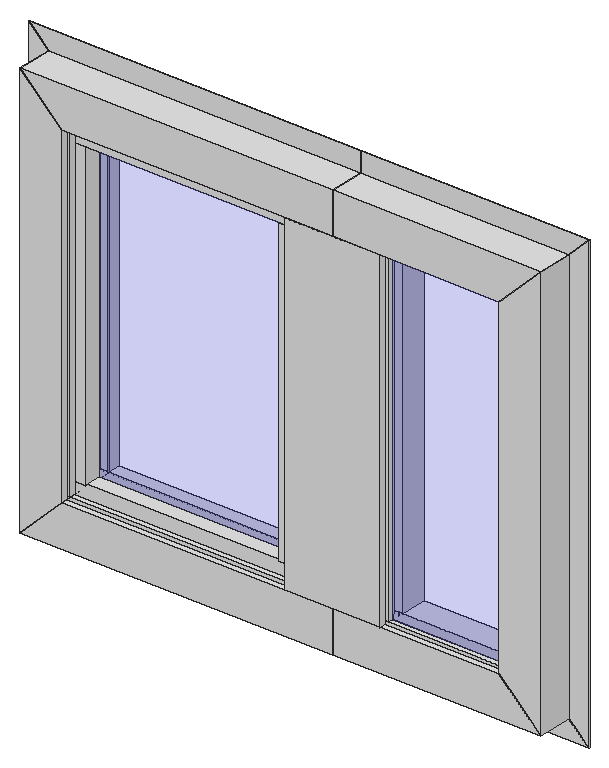
Revit family "511_PC_nailfin", category Windows, host Wall, Revit 2016
Family settings
  Host = Wall
  OmniClass Number = 23.30.20.00
  OmniClass Title = Windows
  Always vertical = Yes
  Cut with Voids When Loaded = No
  Shared = No
  Room Calculation Point = No
Parameters (values of type "30x24")
  MLW2 = 1 / 8 * (Width - VBS)  # 1 1/2"
  MLW = 3.249"
  MLH = 1 / 2 * Height  # 12"
  VBS = 18"
  Interior Color [instance] = White
  Height = 24"
  Exterior Color [instance] = White
  Default Sill Height = 31.49606"
  Wall Closure = By host
  Width = 30"
Types (64): name | MLW2 | MLH | VBS | Interior Color | Height | Exterior Color | Width
  (no name) | 1 1/2" | 12" | 18" | White | 24" | White | 30"
  48x60 | 3" | 30" | 24" | none | 60" | none | 48"
  72x72 | 5 1/4" | 36" | 30" | none | 72" | none | 72"
  25x19.75Min | 1 7/16" | 9 7/8" | 13 1/2" | none | 19 3/4" | none | 25"
  96x72Max | 8 1/4" | 36" | 30" | none | 72" | none | 96"
  36x48 | 2 1/4" | 24" | 18" | none | 48" | none | 36"
  60x72 | 3 3/4" | 36" | 30" | none | 72" | none | 60"
  84x72 | 6 3/4" | 36" | 30" | none | 72" | none | 84"
  72x60 | 4 1/2" | 30" | 36" | none | 60" | none | 72"
  30x24 | 1 1/2" | 12" | 18" | White | 24" | White | 30"
  30x30 | 1 1/2" | 15" | 18" | none | 30" | none | 30"
  30x36 | 1 1/2" | 18" | 18" | none | 36" | none | 30"
  30x42 | 1 1/2" | 21" | 18" | none | 42" | none | 30"
  30x48 | 1 1/2" | 24" | 18" | none | 48" | none | 30"
  36x42 | 2 1/4" | 21" | 18" | none | 42" | none | 36"
  36x36 | 2 1/4" | 18" | 18" | none | 36" | none | 36"
  36x30 | 2 1/4" | 15" | 18" | none | 30" | none | 36"
  36x24 | 2 1/4" | 12" | 18" | none | 24" | none | 36"
  36x54 | 2 1/4" | 27" | 18" | none | 54" | none | 36"
  42x30 | 2 1/4" | 15" | 24" | none | 30" | none | 42"
  42x36 | 2 1/4" | 18" | 24" | none | 36" | none | 42"
  42x42 | 2 1/4" | 21" | 24" | none | 42" | none | 42"
  42x48 | 2 1/4" | 24" | 24" | none | 48" | none | 42"
  42x54 | 2 1/4" | 27" | 24" | none | 54" | none | 42"
  42x60 | 2 1/4" | 30" | 24" | none | 60" | none | 42"
  48x30 | 3" | 15" | 24" | none | 30" | none | 48"
  48x36 | 3" | 18" | 24" | none | 36" | none | 48"
  48x42 | 3" | 21" | 24" | none | 42" | none | 48"
  48x48 | 3" | 24" | 24" | none | 48" | none | 48"
  48x54 | 3" | 27" | 24" | none | 54" | none | 48"
  48x66 | 3" | 33" | 24" | none | 66" | none | 48"
  54x36 | 3" | 18" | 30" | none | 36" | none | 54"
  54x42 | 3" | 21" | 30" | none | 42" | none | 54"
  54x48 | 3" | 24" | 30" | none | 48" | none | 54"
  54x54 | 3" | 27" | 30" | none | 54" | none | 54"
  54x60 | 3" | 30" | 30" | none | 60" | none | 54"
  54x66 | 3" | 33" | 30" | none | 66" | none | 54"
  54x72 | 3" | 36" | 30" | none | 72" | none | 54"
  60x48 | 3" | 24" | 36" | none | 48" | none | 60"
  60x42 | 3" | 21" | 36" | none | 42" | none | 60"
  60x54 | 3" | 27" | 36" | none | 54" | none | 60"
  60x60 | 3" | 30" | 36" | none | 60" | none | 60"
  60x66 | 3 3/4" | 33" | 30" | none | 66" | none | 60"
  66x48 | 3 3/4" | 24" | 36" | none | 48" | none | 66"
  66x54 | 3 3/4" | 27" | 36" | none | 54" | none | 66"
  66x60 | 3 3/4" | 30" | 36" | none | 60" | none | 66"
  66x66 | 4 1/2" | 33" | 30" | none | 66" | none | 66"
  66x72 | 4 1/2" | 36" | 30" | none | 72" | none | 66"
  72x54 | 4 1/2" | 27" | 36" | none | 54" | none | 72"
  72x66 | 5 1/4" | 33" | 30" | none | 66" | none | 72"
  78x54 | 5 1/4" | 27" | 36" | none | 54" | none | 78"
  78x60 | 5 1/4" | 30" | 36" | none | 60" | none | 78"
  78x66 | 6" | 33" | 30" | none | 66" | none | 78"
  78x72 | 6" | 36" | 30" | none | 72" | none | 78"
  84x54 | 6" | 27" | 36" | none | 54" | none | 84"
  84x60 | 6" | 30" | 36" | none | 60" | none | 84"
  84x66 | 6 3/4" | 33" | 30" | none | 66" | none | 84"
  90x54 | 6 3/4" | 27" | 36" | none | 54" | none | 90"
  90x60 | 6 3/4" | 30" | 36" | none | 60" | none | 90"
  90x66 | 7 1/2" | 33" | 30" | none | 66" | none | 90"
  90x72 | 7 1/2" | 36" | 30" | none | 72" | none | 90"
  96x66 | 8 1/4" | 33" | 30" | none | 66" | none | 96"
  96x60 | 7 1/2" | 30" | 36" | none | 60" | none | 96"
  96x54 | 7 1/2" | 27" | 36" | none | 54" | none | 96"
Reference planes (in)
  plane 1 "Center (Front/Back)": y = 0
  plane 2 "Center (Left/Right)": x = 0
  plane 3 "Left": x = -15
  plane 4 "Right": x = 15
  plane 5 "Sill": z = 31.49606
  plane 6 "Head": z = 55.49606
  plane 7 "Exterior": y = 3.93701
  plane 8 "Interior": y = -3.93701
  plane 9 "Front of wall": y = 3.93701
  plane 10 "MD": x = 3
  plane 11: z = 33.55806
  plane 12: z = 53.43645
  plane 13: z = 52.74656
  plane 14: x = -46.438
  plane 15: x = -20.93628
  plane 16: x = 12.938
  plane 17: x = 5.437
  plane 18: x = -12.2505
  plane 19: x = -0.11316
  plane 20: x = -0.62422
  plane 21: x = -11.7505
  plane 22: z = 34.24556
  plane 23 "Front of glass": y = 4.21901
Forms (in)
  Extrusion 1, solid, material "White" <- "Interior Color"
    sketch origin (15, 0, 0) x (0, -1, 0) y (0, 0, 1)
      loop
        line (-4.78995, 34.06142) -> (-4.78995, 32.14816) -> (-5.38701, 32.06425) -> (-5.38701, 31.47606) -> (-5.26201, 31.47606) -> (-5.26201, 31.51606) -> (-5.10865, 31.51606) -> (-5.07401, 31.49606) -> (-4.01201, 31.49606) -> (-4.01201, 30.37106) -> (-3.93701, 30.37106) -> (-3.93701, 31.49606) -> (-1.88701, 31.49606) -> (-1.88701, 33.87106) -> (-2.26201, 33.87106) -> (-2.26201, 34.05906) -> (-2.51251, 34.05806) -> (-2.51251, 33.55806) -> (-3.25701, 33.55806) -> (-3.25701, 34.06142) -> (-4.78995, 34.06142)
    from -1.125 to 12
  Sweep 2, void
    path in 3D
      loop
        line (-43.60379, 8.75385, 31.49606) -> (-43.60379, 3.93701, 31.49606)
    profile origin (-43.60379, 6.34543, 31.49606) x (1, 0, 0) y (0, 0, 1)
      loop
        line (27.24703, -1.35676) -> (31.85329, -1.35676) -> (31.85329, 3.18759) -> (31.22829, 3.18759) -> (31.22829, 2.6245) -> (27.24703, -1.35676)
  Sweep 3, void
    path in 3D
      loop
        line (-43.60379, 8.75385, 31.49606) -> (-43.60379, 3.93701, 31.49606)
    profile origin (-43.60379, 6.34543, 31.49606) x (1, 0, 0) y (0, 0, 1)
      loop
        line (27.09991, -1.50388) -> (31.22829, 2.6245) -> (31.22829, 3.33303) -> (27.09991, 3.33303) -> (27.09991, -1.50388)
  Sweep 4, void
    path in 3D
      loop
        line (3.52238, 8.88043, 31.49606) -> (3.52238, 3.93701, 31.49606)
    profile origin (3.52238, 6.40872, 31.49606) x (1, 0, 0) y (0, 0, 1)
      loop
        line (-4.81457, 3.18759) -> (-4.81457, -2.18465) -> (3.18543, -2.18465) -> (3.18543, 2.56535) -> (0.505, 2.56535) -> (0.505, 0.56819) -> (-1.46529, 0.56819) -> (-3.52219, 2.62509) -> (-3.52219, 3.18759) -> (-4.81457, 3.18759)
  Sweep 5, void
    path in 3D
      loop
        line (11.14445, 9.10453, 31.49606) -> (11.14445, 3.93701, 31.49606)
    profile origin (11.14445, 6.52077, 31.49606) x (1, 0, 0) y (0, 0, 1)
      loop
        line (0.84583, 2.56535) -> (0.84583, -1.24027) -> (5.09583, -1.24027) -> (3.28736, 0.56819) -> (3.20345, 0.56819) -> (3.20345, 2.56535) -> (0.84583, 2.56535)
  Sweep 6, void
    path in 3D
      loop
        line (11.14445, 9.10453, 31.49606) -> (11.14445, 3.93701, 31.49606)
    profile origin (11.14445, 6.52077, 31.49606) x (1, 0, 0) y (0, 0, 1)
      loop
        line (3.28736, 3.06535) -> (3.28736, 0.56819) -> (5.40868, -1.55313) -> (5.40868, 3.06535) -> (3.28736, 3.06535)
  Extrusion 7, void
    sketch origin (0, 3.93701, 0) x (1, 0, 0) y (0, 0, 1)
      loop
        line (12.625, 33.87106) -> (16.55313, 29.94293) -> (16.55313, 34.25889) -> (12.625, 34.25889) -> (12.625, 33.87106)
    from 0 to 12
  Extrusion 8, void
    sketch origin (0, 3.93701, 0) x (1, 0, 0) y (0, 0, 1)
      loop
        line (12.625, 33.87106) -> (12.625, 34.05906) -> (11.875, 34.05906) -> (11.875, 29.7824) -> (16.71366, 29.7824) -> (12.625, 33.87106)
    from 0 to 12
  Extrusion 9, void
    sketch origin (0, 3.93701, 0) x (1, 0, 0) y (0, 0, 1)
      loop
        line (6.75, 34.05906) -> (5.75053, 34.05906) -> (5.75053, 33.87106) -> (0.25028, 33.87106) -> (0.25028, 34.05906) -> (0.06228, 34.05906) -> (0.06228, 34.74556) -> (-1, 34.74556) -> (-1, 29.70676) -> (6.75, 29.70676) -> (6.75, 34.05906)
    from 0 to 12
  Extrusion 10, void
    sketch origin (0, 3.93701, 0) x (1, 0, 0) y (0, 0, 1)
      loop
        line (-12.625, 34.05906) -> (-12.625, 33.87106) -> (-16.35676, 30.13931) -> (-11.21834, 30.13931) -> (-11.21834, 34.74556) -> (-12.437, 34.74556) -> (-12.437, 34.05906) -> (-12.625, 34.05906)
    from 0 to 12
  Extrusion 11, void
    sketch origin (0, 3.93701, 0) x (1, 0, 0) y (0, 0, 1)
      loop
        line (-12.625, 35.24606) -> (-17.2487, 35.24606) -> (-17.2487, 29.24736) -> (-12.625, 33.87106) -> (-12.625, 35.24606)
    from 0 to 12
  Extrusion 12, solid, material "Glass"
    sketch origin (0, 0.962, 60.49606) x (1, 0, 0) y (0, 1, 0)
      loop
        line (-0.11316, 3.25701) -> (-12.2505, 3.25701) -> (-12.2505, 2.51251) -> (-0.11316, 2.51251) -> (-0.11316, 3.25701)
    from -26.2505 to -7.7495
  Extrusion 13, solid, material "Glass"
    sketch origin (0, -0.962, 60.49606) x (1, 0, 0) y (0, 1, 0)
      loop
        line (12.938, 4.21901) -> (5.437, 4.21901) -> (5.437, 3.47451) -> (12.938, 3.47451) -> (12.938, 4.21901)
    from -26.938 to -7.05961
  Extrusion 14, solid, material "White" <- "Interior Color"
    sketch origin (0, 0, 55.49606) x (0, -1, 0) y (1, 0, 0)
      loop
        line (-4.25701, -11.8125) -> (-4.99701, -11.8125) -> (-4.99701, -12.3755) -> (-5.03701, -12.3755) -> (-5.03701, -14.38262) -> (-5.38701, -14.43181) -> (-5.38701, -15.02) -> (-5.26201, -15.02) -> (-5.26201, -14.98) -> (-5.10257, -14.98) -> (-5.07401, -15) -> (-4.01201, -15) -> (-4.01201, -16.125) -> (-3.93701, -16.125) -> (-3.93701, -15) -> (-1.88766, -15) -> (-1.88766, -12.625) -> (-2.26201, -12.625) -> (-2.26201, -12.437) -> (-2.58701, -12.437) -> (-2.58701, -11.7505) -> (-3.47451, -11.7505) -> (-3.47451, -12.2505) -> (-4.21901, -12.2505) -> (-4.21901, -11.7882) -> (-4.25701, -11.8125)
    from 1.125 to -25.125
  Extrusion 15, solid, material "White" <- "Interior Color"
    sketch origin (0, 0, 55.49606) x (0, -1, 0) y (1, 0, 0)
      loop
        line (-4.21901, -0.11316) -> (-3.47451, -0.11316) -> (-3.47451, -0.62422) -> (-2.58667, -0.62422) -> (-2.58667, 0.06228) -> (-2.26201, 0.06228) -> (-2.26201, 0.25028) -> (-1.88701, 0.25028) -> (-1.88701, 5.75053) -> (-2.26201, 5.75053) -> (-2.26201, 5.94063) -> (-2.51251, 5.94063) -> (-2.51251, 5.437) -> (-3.25701, 5.437) -> (-3.25701, 5.94063) -> (-4.78995, 5.94063) -> (-4.78995, 4.02738) -> (-5.38701, 3.94291) -> (-5.38701, 2.05709) -> (-5.03901, 2.00818) -> (-5.03901, 0.00019) -> (-4.99701, 0.00019) -> (-4.99701, -0.56222) -> (-4.25701, -0.56222) -> (-4.21901, -0.58652) -> (-4.21901, -0.11316)
    from 1.125 to -25.125
  Extrusion 16, solid, material "White" <- "Interior Color"
    sketch origin (0, 0, 55.49606) x (0, -1, 0) y (1, 0, 0)
      loop
        line (-5.26201, 14.98) -> (-5.26201, 15.02) -> (-5.38701, 15.02) -> (-5.38701, 14.43181) -> (-4.78995, 14.3479) -> (-4.78995, 12.43465) -> (-3.25701, 12.43465) -> (-3.25701, 12.938) -> (-2.51251, 12.938) -> (-2.51251, 12.438) -> (-2.26201, 12.43691) -> (-2.26201, 12.625) -> (-1.88701, 12.625) -> (-1.88701, 15) -> (-3.93701, 15) -> (-3.93701, 16.125) -> (-4.01201, 16.125) -> (-4.01201, 15) -> (-5.07401, 15) -> (-5.10865, 14.98) -> (-5.26201, 14.98)
    from 1.125 to -25.125
  Extrusion 17, solid, material "White" <- "Interior Color"
    sketch origin (3, 0, 0) x (0, 0, 1) y (0, 1, 0)
      loop
        line (54.87868, 5.03701) -> (52.87156, 5.03701) -> (52.87156, 4.99701) -> (52.30847, 4.99701) -> (52.30847, 4.25691) -> (52.28424, 4.21901) -> (52.74656, 4.21901) -> (52.74656, 3.47451) -> (52.24656, 3.47451) -> (52.24656, 2.58701) -> (52.93306, 2.58701) -> (52.93306, 2.26201) -> (53.12106, 2.26201) -> (53.12106, 1.88701) -> (55.49606, 1.88701) -> (55.49606, 3.93701) -> (56.62106, 3.93701) -> (56.62106, 4.01201) -> (55.49606, 4.01201) -> (55.49606, 5.07401) -> (55.47606, 5.09784) -> (55.47606, 5.26201) -> (55.51606, 5.26201) -> (55.51606, 5.38701) -> (54.92787, 5.38701) -> (54.87868, 5.03701)
    from 19.125 to 0
  Extrusion 18, solid, material "White" <- "Interior Color"
    sketch origin (3, 0, 0) x (0, 0, 1) y (0, 1, 0)
      loop
        line (53.43645, 2.51251) -> (52.93406, 2.51251) -> (52.93306, 2.26201) -> (53.12106, 2.26201) -> (53.12106, 1.88701) -> (55.49606, 1.88701) -> (55.49606, 3.93701) -> (56.62106, 3.93701) -> (56.62106, 4.01201) -> (55.49606, 4.01201) -> (55.49606, 5.07401) -> (55.47606, 5.10865) -> (55.47606, 5.26201) -> (55.51606, 5.26201) -> (55.51606, 5.38701) -> (54.92787, 5.38701) -> (54.84396, 4.78995) -> (52.93071, 4.78995) -> (52.93071, 3.25701) -> (53.43645, 3.25701) -> (53.43645, 2.51251)
    from 0 to -13.125
  Sweep 19, void
    path in 3D
      loop
        line (-19.8166, 9.24338, 55.49606) -> (-19.8166, 3.93701, 55.49606)
    profile origin (-19.8166, 6.59019, 55.49606) x (1, 0, 0) y (0, 0, 1)
      loop
        line (19.81678, -2.62509) -> (21.87368, -0.56819) -> (23.76006, -0.56819) -> (23.84397, -0.6521) -> (23.84397, -2.562) -> (25.75723, -2.562) -> (25.75723, 1.5979) -> (19.19237, 1.5979) -> (19.19237, -3.18759) -> (19.81678, -3.18759) -> (19.81678, -2.62509)
  Sweep 20, void
    path in 3D
      loop
        line (-19.8166, 9.24338, 55.49606) -> (-19.8166, 3.93701, 55.49606)
    profile origin (-19.8166, 6.59019, 55.49606) x (1, 0, 0) y (0, 0, 1)
      loop
        line (21.87368, -0.56819) -> (19.81678, -2.62509) -> (19.81678, -4.21465) -> (22.8166, -4.21465) -> (22.8166, -0.56819) -> (21.87368, -0.56819)
  Sweep 21, void
    path in 3D
      loop
        line (10.65964, 9.24338, 55.49606) -> (10.65964, 3.93701, 55.49606)
    profile origin (10.65964, 6.59019, 55.49606) x (1, 0, 0) y (0, 0, 1)
      loop
        line (1.55958, -2.562) -> (3.68826, -2.562) -> (3.68826, -0.6521) -> (5.80958, 1.46922) -> (1.55958, 1.46922) -> (1.55958, -2.562)
  Sweep 22, void
    path in 3D
      loop
        line (10.65964, 9.24338, 55.49606) -> (10.65964, 3.93701, 55.49606)
    profile origin (10.65964, 6.59019, 55.49606) x (1, 0, 0) y (0, 0, 1)
      loop
        line (6.18826, 1.8479) -> (3.68826, -0.6521) -> (3.68826, -2.6521) -> (6.18826, -2.6521) -> (6.18826, 1.8479)
  Sweep 23, void
    path in 3D
      loop
        line (-44.42648, 8.93799, 55.49606) -> (-44.42648, 3.93701, 55.49606)
    profile origin (-44.42648, 6.4375, 55.49606) x (1, 0, 0) y (0, 0, 1)
      loop
        line (28.08917, 1.33731) -> (32.05098, -2.6245) -> (32.05098, -3.18759) -> (32.67598, -3.18759) -> (32.67598, 1.33731) -> (28.08917, 1.33731)
  Sweep 24, void
    path in 3D
      loop
        line (-44.42648, 8.93799, 55.49606) -> (-44.42648, 3.93701, 55.49606)
    profile origin (-44.42648, 6.4375, 55.49606) x (1, 0, 0) y (0, 0, 1)
      loop
        line (28.30148, 1.125) -> (28.30148, -4.19924) -> (32.05098, -4.19924) -> (32.05098, -2.6245) -> (28.30148, 1.125)
  Extrusion 25, void
    sketch origin (0, 3.93701, 0) x (1, 0, 0) y (0, 0, 1)
      loop
        line (-16.437, 56.93306) -> (-12.625, 53.12106) -> (-12.625, 52.93306) -> (-12.437, 52.93306) -> (-12.437, 52.24656) -> (-10.92648, 52.24656) -> (-10.92648, 56.93306) -> (-16.437, 56.93306)
    from 0 to 12
  Extrusion 26, void
    sketch origin (0, 3.93701, 0) x (1, 0, 0) y (0, 0, 1)
      loop
        line (-16.375, 56.87106) -> (-16.375, 51.21601) -> (-12.625, 51.21601) -> (-12.625, 53.12106) -> (-16.375, 56.87106)
    from 0 to 12
  Extrusion 27, void
    sketch origin (0, 3.93701, 0) x (1, 0, 0) y (0, 0, 1)
      loop
        line (6.31724, 52.93071) -> (6.31724, 56.87106) -> (-0.62422, 56.87106) -> (-0.62422, 52.24656) -> (0.06228, 52.24656) -> (0.06228, 52.93306) -> (0.25028, 52.93306) -> (0.25028, 53.12106) -> (5.75053, 53.12106) -> (5.75053, 52.93071) -> (6.31724, 52.93071)
    from 0 to 12
  Extrusion 28, void
    sketch origin (0, 3.93701, 0) x (1, 0, 0) y (0, 0, 1)
      loop
        line (16.75, 57.24606) -> (12.09958, 57.24606) -> (12.09958, 52.93306) -> (12.625, 52.93306) -> (12.625, 53.12106) -> (16.75, 57.24606)
    from 0 to 12
  Extrusion 29, void
    sketch origin (0, 3.93701, 0) x (1, 0, 0) y (0, 0, 1)
      loop
        line (16.37203, 56.8681) -> (12.625, 53.12106) -> (12.625, 51.12106) -> (16.37203, 51.12106) -> (16.37203, 56.8681)
    from 0 to 12
  Extrusion 30, solid, material "White" <- "Interior Color"
    sketch origin (0, 0, 0) x (0, -1, 0) y (0, 0, 1)
      loop
        line (-3.47451, 34.8291) -> (-3.47451, 34.24556) -> (-4.21901, 34.24556) -> (-4.21901, 34.70789) -> (-4.25691, 34.68366) -> (-4.99701, 34.68366) -> (-4.99701, 34.12056) -> (-5.03701, 34.12056) -> (-5.03701, 32.11344) -> (-5.38701, 32.06425) -> (-5.38701, 31.47606) -> (-5.26201, 31.47606) -> (-5.26201, 31.51606) -> (-5.09784, 31.51606) -> (-5.07401, 31.49606) -> (-4.01201, 31.49606) -> (-4.01201, 30.37106) -> (-3.93701, 30.37106) -> (-3.93701, 31.49606) -> (-1.88701, 31.49606) -> (-1.88701, 33.87106) -> (-2.26201, 33.87106) -> (-2.26201, 34.05906) -> (-2.58701, 34.05906) -> (-2.58701, 34.8291) -> (-3.47451, 34.8291)
    from -3 to 16.125
  Sweep 31, void
    path in 3D
      loop
        line (3.52238, 8.88043, 31.49606) -> (3.52238, 3.93701, 31.49606)
    profile origin (3.52238, 6.40872, 31.49606) x (1, 0, 0) y (0, 0, 1)
      loop
        line (-3.52219, 2.62509) -> (-1.46529, 0.56819) -> (-0.52238, 0.56819) -> (-0.52238, 3.56819) -> (-3.52219, 3.56819) -> (-3.52219, 2.62509)
Cuts and joins
  Sweep 6, Extrusion 7, Sweep 31 cuts Extrusion 1
  Sweep 20, Sweep 24, Extrusion 26 cuts Extrusion 17
  Sweep 4, Extrusion 9, Sweep 19, Extrusion 27 cuts Extrusion 15
  Sweep 5, Extrusion 8, Sweep 21, Extrusion 28 cuts Extrusion 16
  Sweep 22, Extrusion 29 cuts Extrusion 18
  Sweep 2, Extrusion 10, Sweep 23, Extrusion 25 cuts Extrusion 14
  Extrusion 27, Extrusion 28, Extrusion 29 cuts Extrusion 13
  Sweep 3, Extrusion 11, Sweep 31 cuts Extrusion 30
Lines and regions (in)
  Opening 1
    outline origin (137.79528, -3.93701, 0) x (1, 0, 0) y (0, 0, 1)
      loop
        line (-122.79528, 31.49606) -> (-122.79528, 55.49606) -> (-152.79528, 55.49606) -> (-152.79528, 31.49606) -> (-122.79528, 31.49606)
  model lines
    curve 1: line (-46.438, 2.51251, 31.49606) -> (0.312, 2.51251, 31.49606)
    curve 2: line (0.312, 2.51251, 31.49606) -> (13.812, 2.51251, 31.49606)
    curve 23: line (-0.62422, 4.21901, 52.24706) -> (-11.7505, 4.21901, 43.49606)
    curve 24: line (-11.7505, 4.21901, 43.49606) -> (-0.62458, 4.21901, 34.74534)
    curve 29: line (11.5, 3.93701, 45.99606) -> (6.5, 3.93701, 40.99606)
    curve 30: line (6.5, 3.93701, 43.49606) -> (9, 3.93701, 45.99606)
    curve 31: line (9, 3.93701, 40.99606) -> (11.5, 3.93701, 43.49606)
  reference lines
    curve 3: line (-44.42648, 8.93799, 55.49606) -> (-44.42648, 3.93701, 55.49606)
    curve 4: line (-43.60379, 8.75385, 31.49606) -> (-43.60379, 3.93701, 31.49606)
    curve 5: line (-19.8166, 9.24338, 55.49606) -> (-19.8166, 3.93701, 55.49606)
    curve 6: line (3.52238, 8.88043, 31.49606) -> (3.52238, 3.93701, 31.49606)
    curve 7: line (10.65964, 9.24338, 55.49606) -> (10.65964, 3.93701, 55.49606)
    curve 8: line (11.14445, 9.10453, 31.49606) -> (11.14445, 3.93701, 31.49606)
    curve 21: line (-0.62422, 3.93701, 52.24706) -> (-11.7505, 3.93701, 43.49606)
    curve 22: line (-11.7505, 3.93701, 43.49606) -> (-0.62422, 3.93701, 34.74506)
    curve 25: line (11.5, 3.93701, 45.99606) -> (6.5, 3.93701, 45.99606)
    curve 26: line (11.5, 3.93701, 40.99606) -> (11.5, 3.93701, 45.99606)
    curve 27: line (6.5, 3.93701, 40.99606) -> (11.5, 3.93701, 40.99606)
    curve 28: line (6.5, 3.93701, 45.99606) -> (6.5, 3.93701, 40.99606)
    curve 32: line (9, 3.93701, 40.99606) -> (9, 3.93701, 47.49606)
    curve 33: line (11.5, 3.93701, 43.49606) -> (4, 3.93701, 43.49606)
    curve 36: line (11.5, 0, 45.99606) -> (6.5, 0, 45.99606)
    curve 37: line (11.5, 0, 40.99606) -> (11.5, 0, 45.99606)
    curve 38: line (6.5, 0, 40.99606) -> (11.5, 0, 40.99606)
    curve 39: line (6.5, 0, 45.99606) -> (6.5, 0, 40.99606)
    curve 40: line (9, 0, 40.99606) -> (9, 0, 48.49606)
    curve 41: line (11.5, 0, 43.49606) -> (4.5, 0, 43.49606)
  sketch lines
    curve 9: line (-43.60379, 8.75385, 31.49606) -> (-43.60379, 3.93701, 31.49606)
    curve 10: line (-43.60379, 8.75385, 31.49606) -> (-43.60379, 3.93701, 31.49606)
    curve 11: line (3.52238, 8.88043, 31.49606) -> (3.52238, 3.93701, 31.49606)
    curve 12: line (11.14445, 9.10453, 31.49606) -> (11.14445, 3.93701, 31.49606)
    curve 13: line (11.14445, 9.10453, 31.49606) -> (11.14445, 3.93701, 31.49606)
    curve 14: line (-19.8166, 9.24338, 55.49606) -> (-19.8166, 3.93701, 55.49606)
    curve 15: line (-19.8166, 9.24338, 55.49606) -> (-19.8166, 3.93701, 55.49606)
    curve 16: line (10.65964, 9.24338, 55.49606) -> (10.65964, 3.93701, 55.49606)
    curve 17: line (10.65964, 9.24338, 55.49606) -> (10.65964, 3.93701, 55.49606)
    curve 18: line (-44.42648, 8.93799, 55.49606) -> (-44.42648, 3.93701, 55.49606)
    curve 19: line (-44.42648, 8.93799, 55.49606) -> (-44.42648, 3.93701, 55.49606)
    curve 20: line (3.52238, 8.88043, 31.49606) -> (3.52238, 3.93701, 31.49606)
  symbolic lines
    curve 34: line (-0.62422, 3.93701, 52.24706) -> (-11.7505, 3.93701, 43.49606)
    curve 35: line (-11.7505, 3.93701, 43.49606) -> (-0.62422, 3.93701, 34.74506)
    curve 42: line (9, 0, 40.99606) -> (11.5, 0, 43.49606)
    curve 43: line (9, 0, 45.99606) -> (6.5, 0, 43.49606)
    curve 44: line (6.5, 0, 40.99606) -> (11.5, 0, 45.99606)
Text (in)
  text "EXTERIOR" at (-77.29147, 52.45485, 0), in view "Ref. Level"
  text "INTERIOR" at (-78.01048, -32.21994, 0), in view "Ref. Level"
  text "Exterior" at (0, 36.36817, 115.8778), in view "Right"
  text "Exterior" at (0, 40.96394, 105.72475), in view "Left"
Dimensions and locks (in)
  equal spacing: plane 3 "Left", plane 2 "Center (Left/Right)", plane 4 "Right"
  "Width": plane 3 "Left" to plane 4 "Right"
  "Height": plane 5 "Sill" to plane 6 "Head"
  "Default Sill Height": plane 5 "Sill" to level
  locked: plane 7 "Exterior" to host wall at 0
  locked: plane 8 "Interior" to host wall
  locked: plane 5 "Sill" to plane 11 at 2.062
  locked: plane 12 to plane 6 "Head" at 2.05961
  locked: plane 13 to plane 6 "Head" at 2.7495
  locked: Extrusion 1 sketch curve to plane 5 "Sill" at 1.125
  locked: plane 9 "Front of wall" to Extrusion 1 sketch curve at 2.05
  locked: Extrusion 1 sketch curve to Extrusion 1 sketch curve at 2.375
  locked: plane 16 to plane 4 "Right" at 2.062
  locked: plane 10 "MD" to plane 17 at 2.437
  Extrusion 13 sketch curve to plane 9 "Front of wall" = 1.4245"
  locked: Extrusion 14 sketch curve to plane 9 "Front of wall" at 2.04934
  locked: Extrusion 14 sketch curve to Extrusion 14 sketch curve at 2.375
  locked: plane 3 "Left" to Extrusion 14 sketch curve at 1.125
  locked: Extrusion 15 sketch curve to plane 9 "Front of wall" at 2.05
  locked: plane 10 "MD" to Extrusion 15 sketch curve at 0.94291
  locked: Extrusion 15 sketch curve to plane 10 "MD" at 0.94291
  locked: plane 10 "MD" to Extrusion 15 sketch curve at 2.74972
  locked: Extrusion 15 sketch curve to plane 10 "MD" at 2.75053
  locked: Extrusion 16 sketch curve to plane 9 "Front of wall" at 2.05
  locked: Extrusion 16 sketch curve to plane 4 "Right" at 1.125
  locked: Extrusion 16 sketch curve to Extrusion 16 sketch curve at 2.375
  locked: plane 6 "Head" to Extrusion 17 sketch curve at 1.125
  locked: plane 9 "Front of wall" to Extrusion 17 sketch curve at 2.05
  locked: Extrusion 17 sketch curve to Extrusion 17 sketch curve at 2.375
  locked: plane 6 "Head" to Extrusion 18 sketch curve at 1.125
  locked: plane 9 "Front of wall" to Extrusion 18 sketch curve at 2.05
  locked: Extrusion 18 sketch curve to Extrusion 18 sketch curve at 2.375
  locked: plane 10 "MD" to plane 20 at 3.62422
  locked: plane 21 to plane 3 "Left" at 3.2495
  locked: Extrusion 30 sketch curve to plane 9 "Front of wall" at 2.05
  locked: Extrusion 30 sketch curve to Extrusion 30 sketch curve at 2.375
  locked: Extrusion 30 sketch curve to plane 5 "Sill" at 1.125
  "VBS": plane 3 "Left" to plane 10 "MD"
  "MLH": curve 22 to plane 6 "Head"
  "MLH": plane 5 "Sill" to curve 21
  "MLW": curve 21 to plane 6 "Head"
  "MLW": plane 5 "Sill" to curve 22
  locked: plane 9 "Front of wall" to plane 23 "Front of glass" at 0.282
  equal spacing: curve 30, curve 29, curve 31
  locked: curve 26 to curve 28 at 5
  locked: curve 27 to curve 25 at 5
  equal spacing: curve 28, curve 32, curve 26
  equal spacing: curve 27, curve 33, curve 25
  equal spacing: plane 5 "Sill", curve 33, plane 6 "Head"
  equal spacing: plane 10 "MD", curve 32, plane 4 "Right"
  locked: curve 37 to curve 39 at 5
  locked: curve 38 to curve 36 at 5
  equal spacing: curve 39, curve 40, curve 37
  equal spacing: curve 38, curve 41, curve 36
  locked: curve 39 to curve 43 at 2.5
  locked: curve 39 to curve 42 at 2.5
  locked: curve 42 to curve 38 at 2.5
  locked: curve 43 to curve 38 at 2.5
  locked: curve 37 to curve 44 at 5
  equal spacing: plane 10 "MD", curve 40, plane 4 "Right"
  equal spacing: plane 6 "Head", curve 41, plane 5 "Sill"
  locked: Extrusion 15 sketch curve to plane 10 "MD" at 2.99981
  locked: plane 10 "MD" to Extrusion 15 sketch curve at 1.02738
  Extrusion 15 sketch curve to plane 10 "MD" = 0.94291"
  locked: Extrusion 15 sketch curve to plane 10 "MD" at 0.99182
  locked: Extrusion 15 sketch curve to plane 10 "MD" at 3.56222
  locked: plane 10 "MD" to Extrusion 15 sketch curve at 2.94063  (x2)
  locked: plane 19 to plane 10 "MD" at 3.11316
  locked: plane 3 "Left" to plane 18 at 2.7495
  locked: plane 10 "MD" to Sweep 19 sketch curve at 0.94346
  locked: Sweep 19 sketch curve to plane 10 "MD" at 0.94291
  locked: Sweep 23 sketch curve to plane 3 "Left" at 1.33731
  locked: Sweep 2 sketch curve to plane 3 "Left" at 1.35676
  locked: Sweep 3 sketch curve to plane 3 "Left" at 1.50388
  locked: Sweep 31 sketch curve to plane 10 "MD" at 0.94291
  locked: Sweep 4 sketch curve to plane 10 "MD" at 0.94291
  locked: plane 10 "MD" to Sweep 4 sketch curve at 3.70781
  locked: Sweep 4 sketch curve to plane 10 "MD" at 4.29219
  locked: plane 10 "MD" to Extrusion 27 sketch curve at 3.31724
  locked: Extrusion 9 sketch curve to plane 10 "MD" at 4
  locked: plane 10 "MD" to Extrusion 9 sketch curve at 3.75
  locked: Extrusion 26 sketch curve to plane 3 "Left" at 1.375
  locked: Extrusion 25 sketch curve to plane 21 at 0.82402
  locked: plane 21 to Extrusion 25 sketch curve at 4.6865
  locked: plane 3 "Left" to Extrusion 10 sketch curve at 3.78166
  locked: Extrusion 10 sketch curve to plane 3 "Left" at 1.35676
  locked: Extrusion 11 sketch curve to plane 3 "Left" at 2.2487
  locked: Sweep 20 sketch curve to plane 10 "MD" at 0.94291
  aligned and locked: plane 9 "Front of wall" to host wall
  aligned and locked: Extrusion 1 sketch curve to plane 11
  aligned and locked: plane 5 "Sill" to Extrusion 1 sketch curve  (x2)
  aligned and locked: plane 9 "Front of wall" to curve 8
  aligned and locked: plane 9 "Front of wall" to curve 7
  aligned and locked: plane 9 "Front of wall" to curve 6
  aligned and locked: plane 9 "Front of wall" to curve 5
  aligned and locked: plane 9 "Front of wall" to curve 3
  aligned and locked: plane 9 "Front of wall" to curve 4
  aligned and locked: host wall to Extrusion 14 sketch curve
  aligned and locked: plane 3 "Left" to Extrusion 14 sketch curve  (x2)
  aligned and locked: Extrusion 14 sketch curve to plane 18
  aligned and locked: plane 19 to Extrusion 15 sketch curve
  aligned and locked: plane 17 to Extrusion 15 sketch curve
  aligned and locked: plane 4 "Right" to Extrusion 16 sketch curve  (x2)
  aligned and locked: Extrusion 16 sketch curve to plane 9 "Front of wall"
  aligned and locked: Extrusion 16 sketch curve to plane 16
  aligned and locked: Extrusion 17 sketch curve to plane 6 "Head"  (x2)
  aligned and locked: plane 9 "Front of wall" to Extrusion 17 sketch curve
  aligned and locked: plane 13 to Extrusion 17 sketch curve
  aligned and locked: plane 12 to Extrusion 18 sketch curve
  aligned and locked: Extrusion 18 sketch curve to plane 6 "Head"  (x2)
  aligned and locked: plane 9 "Front of wall" to Extrusion 18 sketch curve
  aligned and locked: Extrusion 18 to Extrusion 16  (x2)
  aligned and locked: Extrusion 14 to Extrusion 17  (x2)
  aligned and locked: Extrusion 15 to Extrusion 18
  aligned and locked: Extrusion 17 to plane 10 "MD"
  aligned and locked: plane 17 to Extrusion 13
  aligned and locked: Extrusion 13 to plane 16
  aligned and locked: plane 19 to Extrusion 12 sketch curve
  aligned and locked: plane 18 to Extrusion 12 sketch curve
  aligned and locked: Extrusion 12 to plane 13
  aligned and locked: Extrusion 13 to plane 12
  aligned and locked: plane 5 "Sill" to Extrusion 30 sketch curve  (x2)
  aligned and locked: plane 9 "Front of wall" to Extrusion 30 sketch curve
  aligned and locked: plane 22 to Extrusion 30 sketch curve
  aligned and locked: cut or joined group of Sweep 5, Extrusion 8, Extrusion 16, Sweep 21, Extrusion 28 to cut or joined group of Extrusion 1, Sweep 6, Extrusion 7, Sweep 31
  aligned and locked: cut or joined group of Extrusion 1, Sweep 6, Extrusion 7, Sweep 31 to cut or joined group of Sweep 5, Extrusion 8, Extrusion 16, Sweep 21, Extrusion 28
  aligned and locked: Extrusion 30 to cut or joined group of Sweep 2, Extrusion 10, Extrusion 14, Sweep 23, Extrusion 25  (x2)
  aligned and locked: plane 10 "MD" to cut or joined group of Extrusion 1, Sweep 6, Extrusion 7, Sweep 31
  aligned and locked: Extrusion 30 to plane 10 "MD"
  aligned and locked: Extrusion 12 to plane 22
  aligned and locked: plane 11 to cut or joined group of Extrusion 13, Extrusion 27, Extrusion 28, Extrusion 29
  aligned and locked: cut or joined group of Sweep 4, Extrusion 9, Extrusion 15, Sweep 19, Extrusion 27 to cut or joined group of Sweep 3, Extrusion 11, Extrusion 30, Sweep 31
  aligned and locked: plane 21 to curve 22
  aligned and locked: plane 21 to curve 21
  aligned and locked: plane 20 to curve 21
  aligned and locked: plane 20 to curve 22
  aligned and locked: curve 22 to curve 24
  aligned and locked: curve 21 to curve 23
  aligned and locked: curve 25 to curve 28
  aligned and locked: curve 28 to curve 28
  aligned and locked: curve 26 to curve 26
  aligned and locked: curve 28 to curve 29
  aligned and locked: curve 29 to curve 25
  aligned and locked: curve 25 to curve 30
  aligned and locked: curve 28 to curve 30
  aligned and locked: curve 27 to curve 31
  aligned and locked: curve 26 to curve 31
  aligned and locked: curve 22 to curve 35
  aligned and locked: curve 21 to curve 34
  aligned and locked: curve 36 to curve 39
  aligned and locked: curve 39 to curve 39
  aligned and locked: curve 37 to curve 37
  aligned and locked: curve 39 to curve 43
  aligned and locked: curve 38 to curve 42
  aligned and locked: curve 37 to curve 42
  aligned and locked: curve 36 to curve 43
  aligned and locked: curve 37 to curve 44
  aligned and locked: curve 44 to curve 38
  aligned and locked: Extrusion 15 sketch curve to plane 20
  aligned and locked: plane 10 "MD" to Sweep 20 sketch curve
  aligned and locked: Sweep 20 sketch curve to cut or joined group of Sweep 4, Extrusion 9, Extrusion 15, Sweep 19, Extrusion 27
  aligned and locked: plane 20 to Sweep 19 sketch curve
  aligned and locked: Sweep 24 sketch curve to cut or joined group of Sweep 2, Extrusion 10, Extrusion 14, Sweep 23, Extrusion 25
  aligned and locked: cut or joined group of Sweep 2, Extrusion 10, Extrusion 14, Sweep 23, Extrusion 25 to Sweep 24 sketch curve
  aligned and locked: Sweep 23 sketch curve to cut or joined group of Sweep 2, Extrusion 10, Extrusion 14, Sweep 23, Extrusion 25
  aligned and locked: plane 21 to Sweep 23 sketch curve
  aligned and locked: Sweep 2 sketch curve to cut or joined group of Sweep 2, Extrusion 10, Extrusion 14, Sweep 23, Extrusion 25
  aligned and locked: plane 21 to Sweep 2 sketch curve
  aligned and locked: Sweep 3 sketch curve to cut or joined group of Sweep 2, Extrusion 10, Extrusion 14, Sweep 23, Extrusion 25
  aligned and locked: Sweep 31 sketch curve to cut or joined group of Sweep 4, Extrusion 9, Extrusion 15, Sweep 19, Extrusion 27
  aligned and locked: plane 10 "MD" to Sweep 31 sketch curve
  aligned and locked: Extrusion 27 sketch curve to cut or joined group of Sweep 4, Extrusion 9, Extrusion 15, Sweep 19, Extrusion 27  (x2)
  aligned and locked: Extrusion 27 sketch curve to plane 20
  aligned and locked: cut or joined group of Sweep 4, Extrusion 9, Extrusion 15, Sweep 19, Extrusion 27 to Extrusion 27 sketch curve
  aligned and locked: Extrusion 9 sketch curve to cut or joined group of Sweep 4, Extrusion 9, Extrusion 15, Sweep 19, Extrusion 27  (x3)
  aligned and locked: Extrusion 26 sketch curve to cut or joined group of Sweep 2, Extrusion 10, Extrusion 14, Sweep 23, Extrusion 25
  aligned and locked: Extrusion 25 sketch curve to cut or joined group of Sweep 2, Extrusion 10, Extrusion 14, Sweep 23, Extrusion 25  (x2)
  aligned and locked: Extrusion 10 sketch curve to cut or joined group of Sweep 2, Extrusion 10, Extrusion 14, Sweep 23, Extrusion 25  (x2)
  aligned and locked: Extrusion 11 sketch curve to cut or joined group of Sweep 2, Extrusion 10, Extrusion 14, Sweep 23, Extrusion 25
Automatic sketch dimensions
  curve 3 to plane 14 = 2.01152"
  host wall to curve 3 = 5.00098"
  curve 5 to plane 15 = 1.11968"
  host wall to curve 5 = 5.30637"
  host wall to curve 7 = 5.30637"
  curve 4 to plane 14 = 2.83421"
  host wall to curve 4 = 4.81684"
  curve 6 to plane 10 "MD" = 0.52238"
  host wall to curve 6 = 4.94342"
  host wall to curve 8 = 5.16752"
  Sweep 5 sketch curve to profile plane = 3.20345"
  profile plane to Sweep 5 sketch curve = 0.56819"
  Sweep 5 sketch curve to Sweep 5 sketch curve = 0.08391"
  Sweep 5 sketch curve to profile plane = 1.24027"
  Sweep 5 sketch curve to Sweep 5 sketch curve = 1.80846"
  Sweep 5 sketch curve to Sweep 5 sketch curve = 1.99716"
  Sweep 5 sketch curve to profile plane = 0.84583"
  profile plane to Sweep 6 sketch curve = 0.56819"
  Sweep 6 sketch curve to profile plane = 3.28736"
  Sweep 6 sketch curve to profile plane = 1.55313"
  Sweep 6 sketch curve to Sweep 6 sketch curve = 2.12132"
  profile plane to Sweep 6 sketch curve = 3.06535"
  Extrusion 1 sketch curve to host wall = 0"
  Extrusion 1 sketch curve to Extrusion 1 sketch curve = 0.075"
  host wall to Extrusion 1 sketch curve = 0.85294"
  Extrusion 1 sketch curve to Extrusion 1 sketch curve = 0.28406"
  Extrusion 1 sketch curve to plane 5 "Sill" = 0.02"
  Extrusion 1 sketch curve to Extrusion 1 sketch curve = 0.03464"
  plane 5 "Sill" to Extrusion 1 sketch curve = 0.02"
  Extrusion 1 sketch curve to Extrusion 1 sketch curve = 0.15336"
  Extrusion 1 sketch curve to Extrusion 1 sketch curve = 1/8"
  Extrusion 1 sketch curve to host wall = 0.68"
  Extrusion 1 sketch curve to Extrusion 1 sketch curve = 0.7445"
  Extrusion 1 sketch curve to Extrusion 1 sketch curve = 0.2505"
  Extrusion 1 sketch curve to Extrusion 1 sketch curve = 0.54819"
  Extrusion 1 sketch curve to Extrusion 1 sketch curve = 0.08391"
  Extrusion 1 sketch curve to Extrusion 1 sketch curve = 0.188"
  plane 16 to curve 7 = 2.27836"
  plane 16 to curve 8 = 1.79355"
  Sweep 19 sketch curve to profile plane = 0.56819"
  Sweep 19 sketch curve to Sweep 19 sketch curve = 0.08391"  (x2)
  Sweep 19 sketch curve to Sweep 19 sketch curve = 1.9099"
  Sweep 19 sketch curve to profile plane = 2.62509"
  profile plane to Sweep 19 sketch curve = 1.5979"
  Sweep 19 sketch curve to Sweep 19 sketch curve = 9/16"
  Sweep 21 sketch curve to profile plane = 0.6521"
  Sweep 21 sketch curve to profile plane = 3.68826"
  profile plane to Sweep 21 sketch curve = 1.46922"
  Sweep 21 sketch curve to Sweep 21 sketch curve = 2.12132"
  Sweep 21 sketch curve to Sweep 21 sketch curve = 1.9099"
  Sweep 21 sketch curve to profile plane = 1.55958"
  Sweep 22 sketch curve to profile plane = 0.6521"
  Sweep 22 sketch curve to profile plane = 3.68826"
  Sweep 22 sketch curve to Sweep 22 sketch curve = 2"
  Sweep 22 sketch curve to Sweep 22 sketch curve = 2 1/2"
  profile plane to Sweep 22 sketch curve = 1.8479"
  profile plane to Sweep 23 sketch curve = 1.33731"
  Sweep 23 sketch curve to profile plane = 2.6245"
  Sweep 23 sketch curve to Sweep 23 sketch curve = 0.56309"
  Sweep 24 sketch curve to profile plane = 4 51/256"
  Sweep 24 sketch curve to Sweep 24 sketch curve = 1.57474"
  profile plane to Sweep 24 sketch curve = 1 1/8"
  plane 3 "Left" to Opening 1 sketch curve = 0"
  plane 4 "Right" to Opening 1 sketch curve = 0"
  Opening 1 sketch curve to plane 5 "Sill" = 0"
  Opening 1 sketch curve to plane 6 "Head" = 0"
  curve 1 to plane 14 = 0"
  curve 1 to plane 2 "Center (Left/Right)" = 0.312"
  curve 1 to host wall = 1.4245"
  curve 2 to plane 16 = 0.874"
  plane 16 to Extrusion 7 sketch curve = 0.313"
  Extrusion 7 sketch curve to plane 11 = 0.70083"
  Extrusion 7 sketch curve to plane 4 "Right" = 1.55313"
  Extrusion 7 sketch curve to plane 11 = 0.313"
  plane 5 "Sill" to Extrusion 7 sketch curve = 1.55313"
  plane 16 to Extrusion 8 sketch curve = 1.063"
  plane 16 to Extrusion 8 sketch curve = 0.313"
  Extrusion 8 sketch curve to plane 4 "Right" = 1.71366"
  plane 5 "Sill" to Extrusion 8 sketch curve = 1.71366"
  Extrusion 8 sketch curve to plane 11 = 0.313"
  Extrusion 8 sketch curve to Extrusion 8 sketch curve = 0.188"
  Extrusion 11 sketch curve to plane 11 = 1.688"
  Extrusion 11 sketch curve to plane 11 = 0.313"
  plane 5 "Sill" to Extrusion 11 sketch curve = 2.2487"
  Extrusion 14 sketch curve to plane 21 = 0"
  Extrusion 14 sketch curve to Extrusion 14 sketch curve = 0.075"
  Extrusion 14 sketch curve to plane 21 = 0.0377"
  Extrusion 14 sketch curve to Extrusion 14 sketch curve = 0.038"
  plane 18 to Extrusion 14 sketch curve = 1/8"
  Extrusion 14 sketch curve to Extrusion 14 sketch curve = 0.77801"
  host wall to Extrusion 14 sketch curve = 1.1"
  Extrusion 14 sketch curve to Extrusion 14 sketch curve = 0.037"
  Extrusion 14 sketch curve to Extrusion 14 sketch curve = 0.02856"
  Extrusion 14 sketch curve to plane 3 "Left" = 0.02"
  Extrusion 14 sketch curve to Extrusion 14 sketch curve = 0.15944"
  plane 3 "Left" to Extrusion 14 sketch curve = 0.02"
  Extrusion 14 sketch curve to Extrusion 14 sketch curve = 1/8"
  plane 18 to Extrusion 14 sketch curve = 0.1865"
  Extrusion 14 sketch curve to Extrusion 14 sketch curve = 0.69934"
  Extrusion 14 sketch curve to Extrusion 14 sketch curve = 0.325"
  Extrusion 14 sketch curve to Extrusion 14 sketch curve = 0.54819"
  Extrusion 14 sketch curve to Extrusion 14 sketch curve = 0.04919"
  Extrusion 14 sketch curve to plane 21 = 0.062"
  Extrusion 15 sketch curve to Extrusion 15 sketch curve = 3/8"  (x2)
  Extrusion 15 sketch curve to Extrusion 15 sketch curve = 0.32466"
  Extrusion 15 sketch curve to host wall = 0.4625"
  Extrusion 15 sketch curve to Extrusion 15 sketch curve = 0.038"
  host wall to Extrusion 15 sketch curve = 0.85294"
  Extrusion 15 sketch curve to Extrusion 15 sketch curve = 0.74"
  host wall to Extrusion 15 sketch curve = 1.102"
  Extrusion 15 sketch curve to Extrusion 15 sketch curve = 0.348"
  plane 20 to Extrusion 15 sketch curve = 0.0377"
  plane 19 to Extrusion 15 sketch curve = 0.17544"
  Extrusion 16 sketch curve to Extrusion 16 sketch curve = 0.075"
  host wall to Extrusion 16 sketch curve = 0.85294"
  Extrusion 16 sketch curve to Extrusion 16 sketch curve = 0.28406"
  plane 4 "Right" to Extrusion 16 sketch curve = 0.02"
  Extrusion 16 sketch curve to Extrusion 16 sketch curve = 0.03464"
  Extrusion 16 sketch curve to plane 4 "Right" = 0.02"
  Extrusion 16 sketch curve to Extrusion 16 sketch curve = 0.15336"
  plane 4 "Right" to Extrusion 16 sketch curve = 0.56819"
  Extrusion 16 sketch curve to Extrusion 16 sketch curve = 1/8"
  Extrusion 16 sketch curve to host wall = 0.68"
  Extrusion 16 sketch curve to Extrusion 16 sketch curve = 0.2505"
  Extrusion 16 sketch curve to Extrusion 16 sketch curve = 0.18809"
  plane 16 to Extrusion 16 sketch curve = 0.50335"
  Extrusion 16 sketch curve to Extrusion 16 sketch curve = 0.08391"
  plane 13 to Extrusion 17 sketch curve = 0.43809"
  Extrusion 17 sketch curve to Extrusion 17 sketch curve = 0.02423"
  Extrusion 17 sketch curve to Extrusion 17 sketch curve = 1/2"
  Extrusion 17 sketch curve to plane 13 = 1/8"
  Extrusion 17 sketch curve to plane 13 = 0.1865"
  plane 6 "Head" to Extrusion 17 sketch curve = 0.61738"
  Extrusion 17 sketch curve to Extrusion 17 sketch curve = 0.04919"
  plane 6 "Head" to Extrusion 17 sketch curve = 0.02"
  Extrusion 17 sketch curve to plane 6 "Head" = 0.02"
  Extrusion 17 sketch curve to Extrusion 17 sketch curve = 3/8"
  Extrusion 17 sketch curve to Extrusion 17 sketch curve = 0.325"
  Extrusion 17 sketch curve to host wall = 0.4625"
  Extrusion 17 sketch curve to Extrusion 17 sketch curve = 0.075"
  Extrusion 17 sketch curve to Extrusion 17 sketch curve = 0.0379"
  Extrusion 17 sketch curve to Extrusion 17 sketch curve = 0.04"
  Extrusion 17 sketch curve to Extrusion 17 sketch curve = 0.037"
  Extrusion 17 sketch curve to Extrusion 17 sketch curve = 0.02384"
  Extrusion 17 sketch curve to Extrusion 17 sketch curve = 0.16416"
  Extrusion 17 sketch curve to Extrusion 17 sketch curve = 0.35"
  Extrusion 18 sketch curve to plane 13 = 3/16"
  Extrusion 18 sketch curve to plane 13 = 0.1865"
  Extrusion 18 sketch curve to plane 13 = 0.18415"
  plane 6 "Head" to Extrusion 18 sketch curve = 0.6521"
  plane 6 "Head" to Extrusion 18 sketch curve = 0.56819"
  plane 6 "Head" to Extrusion 18 sketch curve = 0.02"
  Extrusion 18 sketch curve to plane 6 "Head" = 0.02"
  Extrusion 18 sketch curve to Extrusion 18 sketch curve = 3/8"
  Extrusion 18 sketch curve to Extrusion 18 sketch curve = 0.075"
  host wall to Extrusion 18 sketch curve = 0.85294"
  Extrusion 18 sketch curve to Extrusion 18 sketch curve = 0.28406"
  Extrusion 18 sketch curve to Extrusion 18 sketch curve = 0.03464"
  Extrusion 18 sketch curve to Extrusion 18 sketch curve = 0.15336"
  Extrusion 18 sketch curve to Extrusion 18 sketch curve = 1/8"
  plane 13 to Extrusion 25 sketch curve = 1/2"
  Extrusion 25 sketch curve to plane 13 = 0.1865"
  Extrusion 25 sketch curve to Extrusion 25 sketch curve = 0.188"
  Extrusion 25 sketch curve to plane 6 "Head" = 1.437"
  plane 13 to Extrusion 26 sketch curve = 1.53055"
  plane 12 to Extrusion 26 sketch curve = 0.31539"
  Extrusion 26 sketch curve to plane 6 "Head" = 1 3/8"
  Extrusion 27 sketch curve to plane 13 = 0.18415"
  plane 13 to Extrusion 27 sketch curve = 1/2"
  Extrusion 27 sketch curve to plane 13 = 0.1865"
  Extrusion 27 sketch curve to Extrusion 27 sketch curve = 0.19035"
  Extrusion 27 sketch curve to plane 6 "Head" = 1 3/8"
  Extrusion 28 sketch curve to plane 13 = 0.1865"
  plane 16 to Extrusion 28 sketch curve = 0.83842"
  plane 16 to Extrusion 28 sketch curve = 0.313"
  Extrusion 28 sketch curve to plane 4 "Right" = 1 3/4"
  Extrusion 28 sketch curve to Extrusion 28 sketch curve = 0.188"
  Extrusion 28 sketch curve to plane 6 "Head" = 1 3/4"
  plane 16 to Extrusion 29 sketch curve = 0.313"
  Extrusion 29 sketch curve to plane 4 "Right" = 1.37203"
  plane 13 to Extrusion 29 sketch curve = 1.6255"
  plane 12 to Extrusion 29 sketch curve = 0.31539"
  Extrusion 29 sketch curve to plane 6 "Head" = 1.37203"
  Extrusion 30 sketch curve to host wall = 0.4625"
  plane 22 to Extrusion 30 sketch curve = 0.58353"
  Extrusion 30 sketch curve to Extrusion 30 sketch curve = 0.0379"
  Extrusion 30 sketch curve to Extrusion 30 sketch curve = 0.02423"
  Extrusion 30 sketch curve to Extrusion 30 sketch curve = 0.74011"
  Extrusion 30 sketch curve to plane 22 = 1/8"
  Extrusion 30 sketch curve to Extrusion 30 sketch curve = 0.04"
  Extrusion 30 sketch curve to plane 5 "Sill" = 0.61738"
  Extrusion 30 sketch curve to plane 5 "Sill" = 0.56819"
  Extrusion 30 sketch curve to Extrusion 30 sketch curve = 0.35"
  Extrusion 30 sketch curve to plane 5 "Sill" = 0.02"
  Extrusion 30 sketch curve to Extrusion 30 sketch curve = 1/8"
  Extrusion 30 sketch curve to Extrusion 30 sketch curve = 0.16416"
  Extrusion 30 sketch curve to Extrusion 30 sketch curve = 0.02384"
  plane 5 "Sill" to Extrusion 30 sketch curve = 0.02"
  host wall to Extrusion 30 sketch curve = 0.075"
  Extrusion 30 sketch curve to Extrusion 30 sketch curve = 3/8"
  Extrusion 30 sketch curve to plane 22 = 0.1865"
  Extrusion 30 sketch curve to Extrusion 30 sketch curve = 0.325"
  Sweep 20 sketch curve to profile plane = 4.21465"
  Sweep 20 sketch curve to Sweep 20 sketch curve = 1.58957"
  Sweep 20 sketch curve to profile plane = 0.56819"
  Sweep 2 sketch curve to profile plane = 1.35676"
  profile plane to Sweep 2 sketch curve = 2.6245"
  Sweep 2 sketch curve to Sweep 2 sketch curve = 0.56309"
  Sweep 3 sketch curve to profile plane = 1.50388"
  profile plane to Sweep 3 sketch curve = 2.6245"
  profile plane to Sweep 3 sketch curve = 3.33303"
  Sweep 4 sketch curve to profile plane = 2.18465"
  profile plane to Sweep 4 sketch curve = 0.56819"
  profile plane to Sweep 4 sketch curve = 2.62509"
  Sweep 4 sketch curve to Sweep 4 sketch curve = 9/16"
  Sweep 4 sketch curve to Sweep 4 sketch curve = 1.99716"
  profile plane to Sweep 31 sketch curve = 0.56819"
  Sweep 31 sketch curve to Sweep 31 sketch curve = 3"
  Sweep 31 sketch curve to Sweep 31 sketch curve = 0.9431"
  plane 5 "Sill" to Extrusion 9 sketch curve = 1.7893"
  Extrusion 9 sketch curve to plane 11 = 0.313"
  Extrusion 9 sketch curve to plane 22 = 0.1865"  (x2)
  plane 22 to Extrusion 9 sketch curve = 1/2"
  plane 5 "Sill" to Extrusion 10 sketch curve = 1.35676"
  Extrusion 10 sketch curve to plane 11 = 0.313"
  Extrusion 10 sketch curve to plane 22 = 0.1865"
  plane 22 to Extrusion 10 sketch curve = 1/2"
  curve 23 to plane 20 = 0"
  curve 24 to plane 20 = 0.00035"
  curve 29 to curve 31 = 2 1/2"
  curve 30 to curve 31 = 2 1/2"
  curve 30 to curve 29 = 2 1/2"
  curve 31 to curve 29 = 2 1/2"
  curve 25 to curve 32 = 1 1/2"
  curve 33 to curve 25 = 2 1/2"
  plane 20 to curve 35 = 0"
  curve 34 to plane 20 = 0"
  curve 36 to curve 40 = 2 1/2"
  curve 41 to curve 38 = 2"
  curve 44 to curve 43 = 0"
  Sweep 19 sketch curve to Sweep 19 sketch curve = 0.62441"
  Sweep 19 sketch curve to Sweep 19 sketch curve = 1.99716"
  Sweep 4 sketch curve to Sweep 4 sketch curve = 1.29238"
  Sweep 4 sketch curve to profile plane = 0.505"
  Extrusion 17 sketch curve to plane 23 "Front of glass" = 0"
  Extrusion 17 sketch curve to plane 23 "Front of glass" = 0.778"
  Extrusion 30 sketch curve to plane 23 "Front of glass" = 0"
  plane 22 to Extrusion 30 sketch curve = 0.43809"
  Extrusion 1 sketch curve to plane 22 = 3/16"
  Extrusion 1 sketch curve to plane 22 = 0.18415"
  Extrusion 18 sketch curve to Extrusion 18 sketch curve = 0.2505"
  Extrusion 18 sketch curve to Extrusion 18 sketch curve = 0.7445"
  plane 23 "Front of glass" to Extrusion 15 sketch curve = 0"
  Extrusion 15 sketch curve to host wall = 0.68"
  Extrusion 15 sketch curve to Extrusion 15 sketch curve = 0.2505"
  plane 23 "Front of glass" to Extrusion 14 sketch curve = 0"
  Extrusion 14 sketch curve to host wall = 0.4625"
  Extrusion 16 sketch curve to Extrusion 16 sketch curve = 0.00109"
  Extrusion 16 sketch curve to Extrusion 16 sketch curve = 0.6255"
  Extrusion 13 sketch curve to plane 16 = 0"
  Extrusion 13 sketch curve to Extrusion 13 sketch curve = 0.7445"
  Extrusion 13 sketch curve to plane 17 = 0"
  plane 23 "Front of glass" to Extrusion 12 sketch curve = 0"
  Extrusion 12 sketch curve to host wall = 0.4625"
